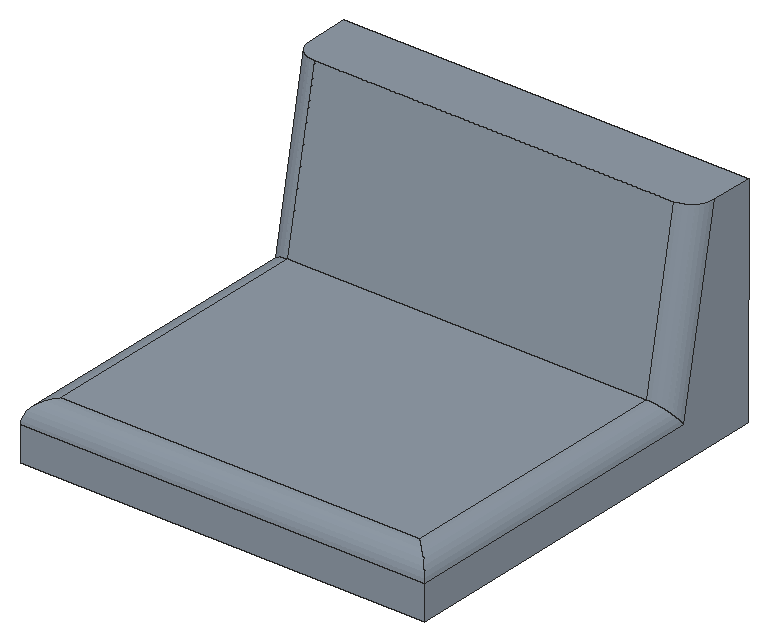
Revit family "FU_Seat_LAPSE 0200TA", category Furniture, Revit 2020
Family settings
  OmniClass Number = 23.40.20.00
  OmniClass Title = General Furniture and Specialties
  Work Plane-Based = No
  Always vertical = Yes
  Cut with Voids When Loaded = No
  Shared = No
  Room Calculation Point = No
Parameters (values of type "LAP 0200TA")
  URL = "https://www.sandlerseating.com/product/lapse-0200ta/"
  Seat [instance] = Fabric - Gravity - Frozen CPC27
  Model = "Lapse 0200TA"
  Manufacturer = "Sandler"
  Description = "Upholstered seat with backrest."
  Default Elevation = 220 mm
Reference planes
  plane 1 "Center (Front/Back)": y = 0
  plane 2: z = 0
  plane 3 "Center (Left/Right)": x = 0
  plane 4: x = -360
  plane 5: x = 360
  plane 6: y = -360
  plane 7: y = 360
  plane 8: z = 390
  plane 9: y = 245
  plane 10: z = 100
  plane 11: y = 185
Forms (mm)
  Extrusion 1, solid, material "Fabric - Gravity - Frozen CPC27" <- "Seat"
    sketch origin (0, 0, 0) x (0, 1, 0) y (0, 0, 1)
      loop
        line (360, 390) -> (245, 390) -> (185, 100) -> (-360, 100) -> (-360, 0) -> (360, 0) -> (360, 390)
    from -360 to 360
  Sweep 2, void
    path origin (-360, 0, 0) x (0, 1, 0) y (0, 0, 1)
      loop
        line (253.886, 432.949) -> (185, 100) -> (-360, 100)
    profile origin (-360, 219.443, 266.474) x (0, 0.97926, -0.202606) y (1, 0, 0)
      loop
        line (0, 0) -> (40, 0)
        arc (40, 0) -> (11.716, 11.716) -> (0, 40) r 40
        line (0, 40) -> (0, 0)
  Sweep 3, void
    path origin (360, 0, 0) x (0, 1, 0) y (0, 0, -1)
      loop
        line (253.886, -432.949) -> (185, -100) -> (-360, -100)
    profile origin (360, 219.443, 266.474) x (0, -0.97926, 0.202606) y (-1, 0, 0)
      loop
        line (0, 0) -> (0, 40)
        arc (0, 40) -> (-11.716, 11.716) -> (-40, 0) r 40
        line (-40, 0) -> (0, 0)
  Sweep 4, void
    path origin (0, -360, 0) x (0, 0, 1) y (-1, 0, 0)
      loop
        line (100, -385) -> (100, 460)
    profile origin (-37.5, -360, 100) x (0, 0, -1) y (0, -1, 0)
      loop
        line (0, 0) -> (0, -40)
        arc (0, -40) -> (11.716, -11.716) -> (40, 0) r 40
        line (40, 0) -> (0, 0)
Cuts and joins
  Sweep 2, Sweep 3, Sweep 4 cuts Extrusion 1
Dimensions and locks
  equal spacing: plane 4, plane 3 "Center (Left/Right)", plane 5
  equal spacing: plane 7, plane 1 "Center (Front/Back)", plane 6
  plane 7 to plane 6 = 720 mm
  plane 4 to plane 5 = 720 mm
  plane 8 to level = 390 mm
  aligned and locked: level to plane 2
  aligned and locked: plane 10 to Extrusion 1 sketch curve
Automatic sketch dimensions
  Extrusion 1 sketch curve to plane 6 = 0 mm
  Extrusion 1 sketch curve to plane 11 = 0 mm
  Extrusion 1 sketch curve to plane 8 = 0 mm
  Extrusion 1 sketch curve to plane 9 = 0 mm
  Extrusion 1 sketch curve to plane 7 = 0 mm
  Extrusion 1 sketch curve to level = 0 mm
  Sweep 2 sketch curve to Extrusion 1 = 0 mm  (x2)
  Extrusion 1 to Sweep 2 sketch curve = 0 mm  (x2)
  Sweep 2 sketch curve to Extrusion 1 = 42.949 mm
  Sweep 2 sketch curve to profile plane = 0 mm  (x2)
  Sweep 2 sketch curve to profile plane = 40 mm
  Sweep 3 sketch curve to plane 6 = 0 mm
  Sweep 3 sketch curve to plane 10 = 0 mm
  Sweep 3 sketch curve to plane 11 = 0 mm
  plane 9 to Sweep 3 sketch curve = 8.886 mm
  plane 8 to Sweep 3 sketch curve = 42.949 mm
  Sweep 3 sketch curve to profile plane = 0 mm
  profile plane to Sweep 3 sketch curve = 0 mm
  profile plane to Sweep 3 sketch curve = 40 mm
  Sweep 4 sketch curve to profile plane = 0 mm  (x2)
  Sweep 4 sketch curve to profile plane = 40 mm
  Sweep 4 sketch curve to Extrusion 1 = 0 mm
  Sweep 4 sketch curve to Extrusion 1 = 25 mm
  Sweep 4 sketch curve to Extrusion 1 = 100 mm
